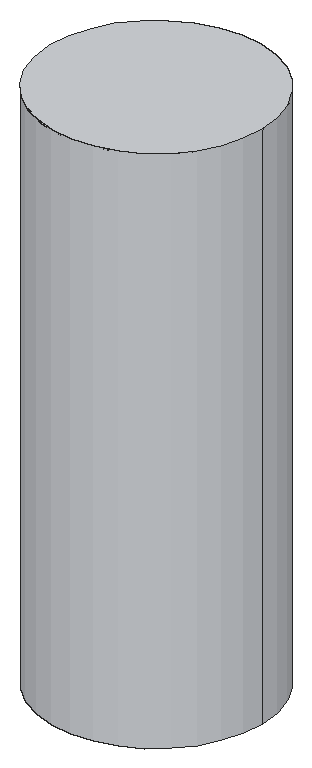
Revit family "BeispielRevit", category Allgemeines Modell, Revit 2024
Family settings
  Kann Basisbauteil für Bewehrung sein = Nein
  Bemaßung runder Anschluss = Durchmesser verwenden
  Teiletyp = Normal
  Arbeitsebenenbasiert = Nein
  Immer vertikal = Ja
  Beim Laden mit Abzugskörper schneiden = Nein
  Beschriftungsausrichtung beibehalten = Nein
  Gemeinsam genutzt = Nein
  Raumberechnungspunkt = Nein
Parameters (values of type "BeispielConstraint")
  WichteInput [instance] = 19000.00 kg/m³
  Vorgabe-Ansicht = 0 mm
  Material [instance] = none
  IstWichteGueltig [instance] = and(WichteInput > 10000.0000 kg/m³, WichteInput < 30000.0000 kg/m³)  # yes
  Hoehe [instance] = 1000 mm
  Durchmesser = 400 mm
Reference planes
  plane 1 "Mitte (Vorne/hinten)": y = 0
  plane 2: z = 0
  plane 3 "Mitte (Links/rechts)": x = 0
  plane 4: z = -1000
Forms (mm)
  Extrusion 1, solid, material <- "Material"
    sketch origin (0, 0, 0) x (1, 0, 0) y (0, 1, 0)
      loop
        circle (0, 0) r 200
    from 0 to -1000
Dimensions and locks
  "Hoehe": level to plane 4
  "Durchmesser": diameter of Extrusion 1 sketch curve
  aligned and locked: level to plane 2
  aligned and locked: Extrusion 1 to plane 4
Automatic sketch dimensions
  plane 1 "Mitte (Vorne/hinten)" to Extrusion 1 sketch curve = 0 mm
  Extrusion 1 sketch curve to plane 3 "Mitte (Links/rechts)" = 0 mm
